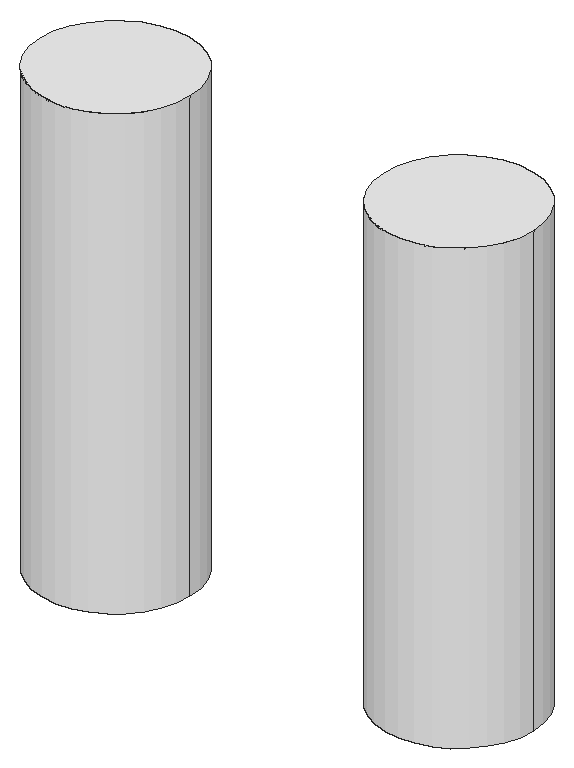
Revit family "514822930004(2022)", category Plumbing Fixtures, Revit 2018
Family settings
  Round Connector Dimension = Use Diameter
  Part Type = Normal
  OmniClass Number = 23.45.55.00
  OmniClass Title = Sanitary Faucets, Wastes
  Work Plane-Based = No
  Always vertical = Yes
  Cut with Voids When Loaded = No
  Shared = No
  Room Calculation Point = No
Parameters (values of type "514822930004 Kitchen faucet ")
  WorkingPressure = "50 - 1000 kPa"
  Working Pressure = "50 - 1000 kPa"
  WarrantyStartDate [instance] = "n/a"
  WarrantyGuarantorParts = "n/a"
  WarrantyGuarantorLabor = "n/a"
  WarrantyDurationUnit = "Year"
  WarrantyDurationParts = "n/a"
  WarrantyDurationLabor = "n/a"
  WarrantyDescription = "http://warranty.hansa.com"
  Warranty Information URL = "http://warranty.hansa.com"
  VersionDate = "01/07/2022"
  Version = "2"  # constant formula
  ValvePattern = "n/a"
  ValveOperation = "n/a"
  ValveMechanism = "n/a"
  Uniclass2015Reference = "Pr_40_20_87_96"
  Uniclass2015Description = "Washbasin manual water supply sets"
  Uniclass2 = "Pr_40_30_96_96"
  URL REACH = "http://static.hansa.com/doc/reach"
  URL KIWA = "http://static.hansa.com/Kiwa/514822930004"
  URL Declaration of Conformity = "http://static.hansa.com/DoC/514822930004"
  URL DVGW = "http://static.hansa.com/DVGW/514822930004"
  URL = ""
  UNSPSC Class Number = "30181700 Faucets or taps"
  TestPressure = "n/a"
  Temperature Adjustments = "Limitation option for maximum temperature and flow-rate "
  Temperature = "Temperature limiter"
  Technical DataSheet URL = "http://www.hansa.com/datasheet/514822930004/en"
  TagNumber [instance] = "n/a"
  SustainabilityPerformance = "n/a"
  Surface treatment = "Chrome"
  Spout Type = "Swivel spout"
  Spout Swivel Range = "120° (80° / 40°)"
  Spout Projection = "215 mm"
  Spare-Part Information URL = "http://static.hansa.com/sp/514822930004"
  Size = "51x255x168 mm"
  Shape = "Sculptured"
  SerialNumber [instance] = "n/a"
  Sales Package dimensions (LxWxH) = "362 x 278 x 63"
  Revision = "2"  # constant formula
  ReplacementCost = "n/a"
  ProductInformation = "Kitchen faucet with swivel spout and aerator"
  Product URL = "http://static.hansa.com/514822930004"
  Product Image URL = "http://static.hansa.com/image/514822930004"
  Product Family = "HANSAPOLO Eco"
  Product Code = "514822930004"
  OperatingMechanismMaterial = "n/a"
  NominalWidth = 51 mm
  NominalHeight = 168 mm
  NominalDepth = 255 mm
  Noise Class = "I (ISO 3822)"
  Name_en = "514822930004 Kitchen faucet"
  Name = "514822930004 Kitchen faucet"
  NBSReference = "45-35-70/371"
  NBSDescription = "Water supply fittings for wash basins and troughs"
  Mounting Holes = "1 hole"
  ModelReference = "514822930004"
  ModelNumber = "n/a"
  Model = "514822930004 Kitchen faucet"
  Mobile Product Information URL = "http://mpi.hansa.com/514822930004"
  Mechanical Parts = "ø 35 mm ceramic cartridge for flow and temperature control"
  Max. Hot Water Supply = 70 °C
  Material = "Brass"
  Market = "International;Germany;Austria;Belgium;Netherlands;Czech Republic;Slovakia;Italy"
  ManufacturerURL = "http://www.hansa.com"
  ManufacturerName = "HANSA"
  Manufacturer = "HANSA"
  Lever Handle = "Single operating lever/handle;Hot/Cold symbols"
  Interactive AR View URL = "https://static.hansa.com/AR/514822930004"
  InstallationDate [instance] = "n/a"
  Installation and Maintenance Guide URL = "http://static.hansa.com/manual/514822930004"
  Installation Type = "Deck mounted"
  InletConnectionSize = 10 mm
  IfcExportType = "FAUCET"  # constant formula
  IfcExportAs = "IfcValveType"  # constant formula
  Group = "Kitchen faucet"
  Grade = "n/a"
  FlowCoefficient = 0
  Flow Rate At 300kPa With Flow Controller = 0.56 L/s
  Flow Rate At 300kPa = 0.56 L/s
  Flow Drawing URL = "http://static.hansa.com/flowchart/514822930004"
  Finish = "Polished"
  Features = "Single-lever"
  FaucetMainMaterial = Brass
  FDV Document URL = "http://www.hansa.com/datasheet/514822930004/en/fdv"
  ExpectedLife = "n/a"
  ETIM Class Number = "EC011431 Kitchen mixing tap"
  EN Standard = "EN 817"
  EAN Number = "4057304018442"
  DurationUnit = "Year"
  Dimension Drawing URL = "http://static.hansa.com/dimdrw/514822930004"
  Description = "Kitchen faucet with swivel spout and aerator"
  DefaultElevation [instance] = 900 mm
  Constituents = "Single lever, swivel spout, aerator, temperature limiter"
  Connection Size = "G3/8"
  Connection = "Flexible inlet pipes"
  Color = "Chrome"
  CodePerformance = "n/a"
  CloseOffRating = 0
  Catalog Drawing URL = "http://static.hansa.com/catdrw/514822930004"
  Brand = "HANSA"
  BodyMaterial = "Brass"
  Barcode [instance] = "n/a"
  Backflow Prevention EN1717 = "AA"
  BIMObjectName = "514822930004(2022)"
  Author = "BIMStone"
  AssetType = "Fixed"
  AssetIdentifier [instance] = "n/a"
  Approval KIWA = "K6116/08"
  Approval DVGW = "NW-6506BP0361"
  Aerator = "Standard aerator"
  Advanced Features = "Inner body made of DZR brass"
  AccessibilityPerformance = "n/a"
  3D View = "https://static.hansa.com/3D/514822930004"
  2D/3D/BIM Files URL = "http://static.hansa.com/bim/514822930004"
Reference planes
  plane 1 "Center (Front/Back)": y = 0
  plane 2: z = 0
  plane 3 "Center (Left/Right)": x = 0
  plane 4: x = -25.5
  plane 5: z = 1068
  plane 6: z = 900
  plane 7: z = 870
  plane 8: y = -255
  plane 9: x = 25.5
Forms (mm)
  Extrusion 1, solid, material "Brass" <- "FaucetMainMaterial"
    sketch origin (0, 0, 0) x (1, 0, 0) y (0, 1, 0)
      loop
        circle (-11.5, -22.5) r 5
      loop
        circle (11.5, -22.5) r 5
    from 870 to 900
Dimensions and locks
  "NominalHeight": plane 5 to plane 6
  "DefaultElevation": plane 6 to level
  locked: plane 6 to plane 7 at 30
  "NominalDepth": plane 8 to plane 1 "Center (Front/Back)"
  equal spacing: plane 4, plane 3 "Center (Left/Right)", plane 9
  "NominalWidth": plane 4 to plane 9
  "InletConnectionSize": diameter of Extrusion 1 sketch curve  (x2)
  aligned and locked: level to plane 2
  aligned and locked: plane 6 to Extrusion 1
  aligned and locked: Extrusion 1 to plane 7
  aligned and locked: plane 3 "Center (Left/Right)" to nested 2
  aligned and locked: plane 1 "Center (Front/Back)" to nested 2
  aligned and locked: plane 6 to nested 2
Automatic sketch dimensions
  Extrusion 1 sketch curve to plane 3 "Center (Left/Right)" = 11.5 mm
  plane 3 "Center (Left/Right)" to Extrusion 1 sketch curve = 11.5 mm
  plane 1 "Center (Front/Back)" to Extrusion 1 sketch curve = 22.5 mm  (x2)
Nested families
  nested 1: "Symbol" at (0, 0, 0), type "Symbol", detail levels coarse
  nested 2: "514822930004(2022)_p" at (0, 0, 900), Material <- "FaucetMainMaterial", type "514822930004(2022)_p"
    with Material Brass
Connectors
  piping at (-11.5, -22.5, 870), diameter 10, driven by "InletConnectionSize"
    settings: on Extrusion 1, index 1, connector inside diameter 609.6 mm, connector length 0 mm, flow factor 0, pipe flow 0.0 L/s, pressure drop 0.0 Pa, fitting loss kfactor 0, connector angle 0.00°, fixture units 0, engagement length 0 mm, angle of deflection 0.00°, flow configuration 1, flow direction 1, fitting loss method 0, system type 19, joint type 0, gender type 0, connector reference index -1, connector utility 0, adjustable connector no, is connector primary yes, connector description ""
  piping at (11.5, -22.5, 870), diameter 10, driven by "InletConnectionSize"
    settings: on Extrusion 1, index 2, connector inside diameter 609.6 mm, connector length 0 mm, flow factor 0, pipe flow 0.0 L/s, pressure drop 0.0 Pa, fitting loss kfactor 0, connector angle 0.00°, fixture units 0, engagement length 0 mm, angle of deflection 0.00°, flow configuration 1, flow direction 1, fitting loss method 0, system type 20, joint type 0, gender type 0, connector reference index -1, connector utility 0, adjustable connector no, is connector primary no, connector description ""
Definition of nested family "Symbol"
  Reference planes
    plane 1: y = 0
    plane 2: x = 0
  Lines and regions (mm)
    detail lines
      curve 1: line (0, 0, 0) -> (0, -1.8, 0)
      curve 2: line (-0.4, -1.1, 0) -> (0.4, -1.1, 0)
      curve 3: line (-0.4, -1.4, 0) -> (0.4, -1.4, 0)
      curve 4: line (0.863, 0, 0) -> (-0.863, 0, 0)
      curve 5: circle (-1.163, 0, 0) r 0.3 normal (0, 0, -1)
      curve 6: circle (1.163, 0, 0) r 0.3 normal (0, 0, 1)
Definition of nested family "514822930004(2022)_p"
  Parameters (values of type "514822930004(2022)_p")
    Material [instance] = none
  Reference planes
    plane 1 "Center (Front/Back)": y = 0
    plane 2: z = 0
    plane 3 "Center (Left/Right)": x = 0
    plane 4: x = -25.5
    plane 5: z = 168
    plane 6: z = 0
    plane 7: y = -255
    plane 8: x = 25.5
  Forms (mm)
    Extrusion 1, solid, material <- "Material", detail levels medium
      sketch origin (0, 0, -900) x (0, 1, 0) y (0, 0, 1)
        loop
          line (0, 900) -> (0, 1058.08) -> (-61.322, 1065.36) -> (-111.697, 1068)
          arc (-111.697, 1068) -> (-112.791, 1067.626) -> (-113.167, 1066.532) r 1.316
          line (-113.167, 1066.532) -> (-112.909, 1064.448)
          arc (-112.909, 1064.448) -> (-111.629, 1061.855) -> (-109.013, 1060.622) r 4.388
          line (-109.013, 1060.622) -> (-51, 1054.525) -> (-51, 993.034)
          arc (-51, 993.034) -> (-52.761, 993.574) -> (-54.465, 994.275) r 19.937
          line (-54.465, 994.275) -> (-135.431, 1032.03)
          arc (-135.431, 1032.03) -> (-162.315, 1042.283) -> (-190.393, 1048.572) r 200
          line (-190.393, 1048.572) -> (-248.818, 1057.304)
          arc (-248.818, 1057.304) -> (-251.086, 1056.882) -> (-252.314, 1054.93) r 2.875
          line (-252.314, 1054.93) -> (-255, 1037.009) -> (-252.234, 1036.594) -> (-252.899, 1032.154) -> (-229.163, 1028.596) -> (-228.347, 1034.037) -> (-193.277, 1028.781)
          arc (-193.277, 1028.781) -> (-168.045, 1023.121) -> (-143.883, 1013.904) r 180
          line (-143.883, 1013.904) -> (-51, 970.592) -> (-51, 900) -> (0, 900)
      from 25.5 to -25.5
    Extrusion 2, solid, detail levels coarse
      sketch origin (0, 0, -900) x (1, 0, 0) y (0, 1, 0)
        loop
          line (-25.5, 0) -> (-25.5, -255) -> (25.5, -255) -> (25.5, 0) -> (-25.5, 0)
      from 900 to 1068
  Lines and regions (mm)
    symbolic lines, detail levels medium+fine
      curve 1: line (0, 0, 0) -> (0, -51, 0)
      curve 2: line (0, -51, 0) -> (0, -51, 47.5)
      curve 3: line (0, -50.702, 70.453) -> (0, -143.883, 113.904)
      curve 4: arc (0, -143.883, 113.904) -> (0, -168.045, 123.121) -> (0, -193.277, 128.781) r 180
      curve 5: line (0, -193.277, 128.781) -> (0, -225.171, 133.561)
      curve 6: line (0, -229.163, 128.596) -> (0, -228.497, 133.037)
      curve 7: line (0, -252.234, 136.594) -> (0, -252.899, 132.154)
      curve 8: line (0, -252.899, 132.154) -> (0, -229.163, 128.596)
      curve 10: line (0, -225.321, 132.561) -> (0, -225.171, 133.561)
      curve 11: line (0, -252.234, 136.594) -> (0, -255, 137.009)
      curve 12: line (0, -255, 137.009) -> (0, -252.314, 154.93)
      curve 13: arc (0, -252.314, 154.93) -> (0, -251.086, 156.882) -> (0, -248.818, 157.304) r 2.875
      curve 14: line (0, -248.818, 157.304) -> (0, -190.393, 148.572)
      curve 15: arc (0, -190.393, 148.572) -> (0, -162.315, 142.283) -> (0, -135.431, 132.03) r 200
      curve 16: line (0, -135.431, 132.03) -> (0, -54.465, 94.275)
      curve 17: arc (0, -54.465, 94.275) -> (0, -52.475, 93.474) -> (0, -50.41, 92.892) r 19.937
      curve 18: line (0, -50.007, 123.96) -> (0, -50.41, 92.892)
      curve 19: line (0, -50.702, 70.453) -> (0, -51, 47.5)
      curve 20: line (0, 0, 0) -> (0, 0, 47.5)
      curve 21: line (0, -0.993, 123.96) -> (0, 0, 47.5)
      curve 23: line (0, -228.497, 133.037) -> (0, -225.321, 132.561)
      curve 24: line (0, -0.993, 123.96) -> (0, -2.721, 123.96)
      curve 25: line (0, -49.846, 126.8) -> (0, -48.006, 126.8)
      curve 27: line (0, -48.304, 123.96) -> (0, -48.006, 126.8)
      curve 28: arc (0, -6.504, 135.604) -> (0, -3.769, 130.056) -> (0, -2.721, 123.96) r 21.584
      curve 29: line (0, -49.846, 126.8) -> (0, -48.267, 149.382)
      curve 30: arc (0, -48.267, 149.382) -> (0, -49.483, 153.016) -> (0, -52.912, 154.725) r 5.006
      curve 31: line (0, -52.912, 154.725) -> (0, -109.013, 160.622)
      curve 32: arc (0, -109.013, 160.622) -> (0, -111.629, 161.855) -> (0, -112.909, 164.448) r 4.388
      curve 33: line (0, -112.909, 164.448) -> (0, -113.167, 166.532)
      curve 34: arc (0, -113.167, 166.532) -> (0, -112.791, 167.626) -> (0, -111.697, 168) r 1.316
      curve 35: line (0, -111.697, 168) -> (0, -61.322, 165.36)
      curve 36: line (0, -61.322, 165.36) -> (0, -4.446, 158.607)
      curve 37: arc (0, -4.446, 158.607) -> (0, -3.316, 157.974) -> (0, -2.965, 156.728) r 1.691
      curve 38: line (0, -2.965, 156.728) -> (0, -1.647, 137.869)
      curve 39: line (0, -6.504, 135.604) -> (0, -1.647, 137.869)
      curve 41: line (0, -48.304, 123.96) -> (0, -50.007, 123.96)
      curve 43: line (25.5, 0, 0) -> (-25.5, 0, 0)
      curve 44: line (-25.5, 0, 0) -> (-25.5, 0, 47.56)
      curve 45: line (-25.5, 0, 47.56) -> (-24.495, 0, 123.96)
      curve 46: line (-24.362, 0, 126.797) -> (-22.506, 0, 126.797)
      curve 47: line (-24.495, 0, 123.96) -> (-22.754, 0, 123.96)
      curve 48: line (-24.362, 0, 126.797) -> (-21.794, 0, 158.814)
      curve 49: arc (-21.794, 0, 158.814) -> (-21.406, 0, 159.899) -> (-20.524, 0, 160.641) r 2.211
      curve 50: arc (-20.524, 0, 160.641) -> (-18.448, 0, 161.525) -> (-16.319, 0, 162.269) r 33.994
      curve 51: arc (-16.319, 0, 162.269) -> (-15.779, 0, 162.579) -> (-15.419, 0, 163.089) r 1.442
      curve 52: arc (-15.419, 0, 163.089) -> (-13.815, 0, 165.638) -> (-11.468, 0, 167.527) r 9.139
      curve 53: arc (-11.468, 0, 167.527) -> (-10.657, 0, 167.864) -> (-9.789, 0, 168) r 3.707
      curve 54: line (-9.789, 0, 168) -> (0, 0, 168)
      curve 55: line (-22.506, 0, 126.797) -> (-22.754, 0, 123.96)
      curve 59: line (25.5, 0, 0) -> (25.5, 0, 47.56)
      curve 60: line (25.5, 0, 47.56) -> (24.495, 0, 123.96)
      curve 61: line (24.362, 0, 126.797) -> (22.506, 0, 126.797)
      curve 62: line (24.495, 0, 123.96) -> (22.754, 0, 123.96)
      curve 63: line (24.362, 0, 126.797) -> (21.794, 0, 158.814)
      curve 64: arc (21.794, 0, 158.814) -> (21.406, 0, 159.899) -> (20.524, 0, 160.641) r 2.211
      curve 65: arc (20.524, 0, 160.641) -> (18.448, 0, 161.525) -> (16.319, 0, 162.269) r 33.994
      curve 66: arc (16.319, 0, 162.269) -> (15.779, 0, 162.579) -> (15.419, 0, 163.089) r 1.442
      curve 67: arc (15.419, 0, 163.089) -> (13.815, 0, 165.638) -> (11.468, 0, 167.527) r 9.139
      curve 68: arc (11.468, 0, 167.527) -> (10.657, 0, 167.864) -> (9.789, 0, 168) r 3.707
      curve 69: line (9.789, 0, 168) -> (0, 0, 168)
      curve 70: line (22.506, 0, 126.797) -> (22.754, 0, 123.96)
      curve 83: line (-15, -239.534, 0) -> (-15, -59.645, 0)
      curve 84: line (15, -239.534, 0) -> (15, -59.645, 0)
      curve 85: spline (-15, -239.534, 0) -> (-14.489, -243.537, 0) -> (-12.99, -247.267, 0) -> (-10.607, -250.47, 0) -> (-7.5, -252.928, 0) -> (-3.882, -254.473, 0) -> (0, -255, 0) -> (3.882, -254.473, 0) -> (7.5, -252.928, 0) -> (10.607, -250.47, 0) -> (12.99, -247.267, 0) -> (14.489, -243.537, 0) -> (15, -239.534, 0)
      curve 91: arc (-15.824, -46.935, 0) -> (-15.892, -46.144, 0) -> (-15.994, -45.357, 0) r 18.815
      curve 95: arc (15.832, -46.938, 0) -> (15.9, -46.152, 0) -> (16.001, -45.369, 0) r 18.811
      curve 96: line (-15, -59.645, 0) -> (-15.824, -46.935, 0)
      curve 97: line (15, -59.645, 0) -> (15.832, -46.938, 0)
      curve 98: arc (16.001, -45.369, 0) -> (0.021, -0.018, 0) -> (-15.994, -45.357, 0) r 25.494
    symbolic lines, detail levels fine
      curve 9: line (0, -252.234, 136.594) -> (0, -228.497, 133.037)
      curve 22: line (0, 0, 47.5) -> (0, -51, 47.5)
      curve 26: line (0, -25.383, 126.8) -> (0, -6.504, 135.604)
      curve 40: line (0, -48.006, 126.8) -> (0, -25.383, 126.8)
      curve 42: line (0, -2.721, 123.96) -> (0, -48.304, 123.96)
      curve 56: line (-15, 0, 70.474) -> (-15, 0, 154.085)
      curve 57: line (-22.506, 0, 126.797) -> (-15, 0, 126.797)
      curve 58: line (-22.754, 0, 123.96) -> (-15, 0, 123.96)
      curve 71: line (22.506, 0, 126.797) -> (15, 0, 126.797)
      curve 72: line (22.754, 0, 123.96) -> (15, 0, 123.96)
      curve 73: line (-25.5, 0, 47.56) -> (25.5, 0, 47.56)
      curve 74: spline (-15, 0, 154.085) -> (-14.489, 0, 154.949) -> (-12.99, 0, 155.755) -> (-10.607, 0, 156.447) -> (-7.5, 0, 156.978) -> (-3.882, 0, 157.312) -> (0, 0, 157.426) -> (3.882, 0, 157.312) -> (7.5, 0, 156.978) -> (10.607, 0, 156.447) -> (12.99, 0, 155.755) -> (14.489, 0, 154.949) -> (15, 0, 154.085)
      curve 75: arc (-13.012, 0, 68.978) -> (-14.379, 0, 69.231) -> (-15, 0, 70.474) r 1.557
      curve 76: arc (13.012, 0, 68.978) -> (14.379, 0, 69.231) -> (15, 0, 70.474) r 1.557
      curve 77: arc (-13.012, 0, 68.978) -> (0, 0, 70.816) -> (13.012, 0, 68.978) r 47.003
      curve 78: spline (11.961, 0, 130.3) -> (11.554, 0, 129.845) -> (10.359, 0, 129.421) -> (8.458, 0, 129.058) -> (5.981, 0, 128.778) -> (3.096, 0, 128.603) -> (0, 0, 128.543) -> (-3.096, 0, 128.603) -> (-5.981, 0, 128.778) -> (-8.458, 0, 129.058) -> (-10.359, 0, 129.421) -> (-11.554, 0, 129.845) -> (-11.961, 0, 130.3) -> (-11.554, 0, 130.754) -> (-10.359, 0, 131.178) -> (-8.458, 0, 131.542) -> (-5.981, 0, 131.821) -> (-3.096, 0, 131.997) -> (0, 0, 132.056) -> (3.096, 0, 131.997) -> (5.981, 0, 131.821) -> (8.458, 0, 131.542) -> (10.359, 0, 131.178) -> (11.554, 0, 130.754) -> (11.961, 0, 130.3)
      curve 79: spline (-11.961, 0, 134.779) -> (-11.554, 0, 135.234) -> (-10.359, 0, 135.658) -> (-8.458, 0, 136.021) -> (-5.981, 0, 136.301) -> (-3.096, 0, 136.476) -> (0, 0, 136.536) -> (3.096, 0, 136.476) -> (5.981, 0, 136.301) -> (8.458, 0, 136.021) -> (10.359, 0, 135.658) -> (11.554, 0, 135.234) -> (11.961, 0, 134.779)
      curve 80: line (-11.961, 0, 130.3) -> (-11.961, 0, 134.779)
      curve 81: line (11.961, 0, 134.779) -> (11.961, 0, 130.3)
      curve 82: spline (11.961, 0, 133.769) -> (14.424, 0, 134.526) -> (14.937, 0, 135.369) -> (13.431, 0, 136.183) -> (10.109, 0, 136.859) -> (5.421, 0, 137.304) -> (0, 0, 137.46) -> (-5.421, 0, 137.304) -> (-10.109, 0, 136.859) -> (-13.431, 0, 136.183) -> (-14.937, 0, 135.369) -> (-14.424, 0, 134.526) -> (-11.961, 0, 133.769)
      curve 86: spline (-15, -239.534, 0) -> (-14.489, -242.782, 0) -> (-12.99, -245.808, 0) -> (-10.607, -248.407, 0) -> (-7.5, -250.401, 0) -> (-3.882, -251.655, 0) -> (0, -252.082, 0) -> (3.882, -251.655, 0) -> (7.5, -250.401, 0) -> (10.607, -248.407, 0) -> (12.99, -245.808, 0) -> (14.489, -242.782, 0) -> (15, -239.534, 0)
      curve 87: arc (19.099, -37.489, 0) -> (0, -2.95, 0) -> (-19.099, -37.489, 0) r 22.55
      curve 88: line (0, -113.165, 0) -> (-6.461, -113.165, 0)
      curve 89: arc (-6.461, -113.165, 0) -> (-10.086, -111.77, 0) -> (-11.84, -108.304, 0) r 5.407
      curve 90: line (-11.84, -108.304, 0) -> (-15, -59.645, 0)
      curve 92: line (0, -113.165, 0) -> (6.461, -113.165, 0)
      curve 93: arc (6.461, -113.165, 0) -> (10.086, -111.77, 0) -> (11.84, -108.304, 0) r 5.407
      curve 94: line (11.84, -108.304, 0) -> (15, -59.645, 0)
      curve 99: arc (-19.099, -37.489, 0) -> (-17.182, -41.279, 0) -> (-15.994, -45.357, 0) r 23.03
      curve 100: arc (19.099, -37.489, 0) -> (17.182, -41.279, 0) -> (15.994, -45.357, 0) r 23.03
      curve 101: line (15, 0, 70.474) -> (15, 0, 154.085)
      curve 102: line (-15.779, 0, 162.579) -> (-15.779, 0, 158.287)
      curve 103: arc (-15.779, 0, 158.287) -> (-15.347, 0, 156.539) -> (-14.151, 0, 155.193) r 3.756
      curve 104: line (15.779, 0, 162.579) -> (15.779, 0, 158.287)
      curve 105: arc (15.779, 0, 158.287) -> (15.347, 0, 156.539) -> (14.151, 0, 155.193) r 3.756
  Dimensions and locks
    aligned and locked: level to plane 2
    aligned and locked: plane 6 to import instance
    aligned and locked: plane 5 to Extrusion 2
    aligned and locked: Extrusion 2 to plane 6
